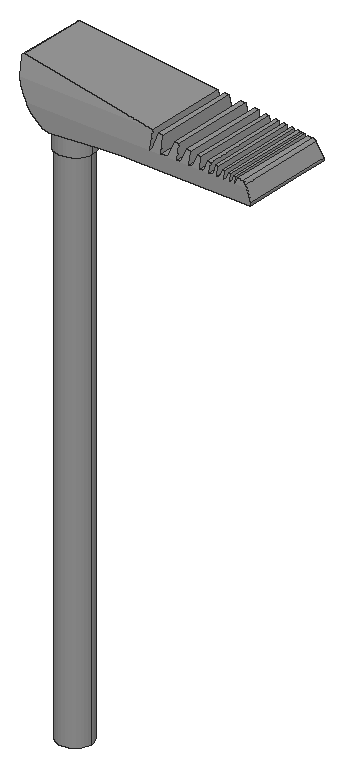
Revit family "63_UN_Road_LumaMiniGen2 _Signify", category Lighting Fixtures, Revit 2019
Family settings
  Round Connector Dimension = Use Diameter
  Part Type = Normal
  OmniClass Number = 23.80.70.14.21
  OmniClass Title = Street and Roadway Lighting
  Work Plane-Based = No
  Always vertical = Yes
  Cut with Voids When Loaded = Yes
  Light Source = Yes
  Shared = No
  Room Calculation Point = Yes
Parameters (values of type "OFMT1_BGP7011xLED40-4S740DM10")
  Wattage Comments = "25W"
  Wattage = 26.9284 W
  built-in parameter 1150110 = 1 (stored number, unit not read)
  Voltage = 230 V
  URL = "https://www.signify.com/"
  Type Comments = "Gen 2"
  built-in parameter 1114217 = 1 (stored number, unit not read)
  Tilt Angle = 90.00°
  built-in parameter 1150109 = 1 (stored number, unit not read)
  built-in parameter 1150134 = 3
  Symbol_ToScale [instance] = not(Symbol_RealSize)  # no
  Symbol_RealSize [instance] = yes
  Switch Code [instance] = ""
  built-in parameter 1150113 = 1 (stored number, unit not read)
  Pole_Visibility [instance] = yes
  Pole_Height [instance] = 1500 mm
  Photometric Web File = "OFMT1_BGP7011xLED40-4S740DM10.IES"
  Model = "Luma Mini"
  Manufacturer = "Signify"
  built-in parameter 1150105 = 3720.8 (stored number, unit not read)
  Luminous Flux (lm) = 4000 lm
  Lumens = 4000 lm
  built-in parameter 1150115 = 1 (stored number, unit not read)
  Luminaire Code [instance] = ""
  built-in parameter 1150137 = (empty or 0)
  built-in parameter 1150139 = (empty or 0)
  built-in parameter 1150112 = 1 (stored number, unit not read)
  built-in parameter 1150114 = 1 (stored number, unit not read)
  Lamp = "LED"
  built-in parameter 1150132 = 2
  built-in parameter 1150102 = (empty or 0)
  built-in parameter 1150107 = 3200 (stored number, unit not read)
  built-in parameter 1150138 = (empty or 0)
  built-in parameter 1150106 = 37.208 (stored number, unit not read)
  IfcExportType = "USERDEFINED"
  IfcExportAs = "IfcLightFixtureType"
  IK Value = "IK09"
  Housing_Material = Aluminum
  Emit from Rectangle Width = 220 mm
  Emit from Rectangle Length = 313 mm
  Emit Shape Visible in Rendering = no
  built-in parameter 1150104 = 13.8 (stored number, unit not read)
  Dimming Lamp Color Temperature Shift = <None>
  Description = "IP66"
  Content Creator® = "www.ivlibrary.com"
  Color Filter = 16777215
  built-in parameter 1114218 = 1 (stored number, unit not read)
  built-in parameter 1150133 = 10 (stored number, unit not read)
  Assembly Code = "63.0"
  Apparent Load = 25 VA
Types (6, lengths in mm): name | Wattage Comments | Wattage | Photometric Web File | built-in parameter 1150105 | Luminous Flux (lm) | Lumens | built-in parameter 1150106 | Apparent Load
  (no name) | "25W" | 26.9284 W | "OFMT1_BGP7011xLED40-4S740DM10.IES" | 3720.8 (stored number, unit not read) | 4000 lm | 4000 lm | 37.208 (stored number, unit not read) | 25 VA
  OFMT1_BGP713T251xLED30-4S740DM11 | "19W" | 20.1963 W | "OFMT1_BGP713T251xLED30-4S740DM11.IES" | 1722 (stored number, unit not read) | 3000 lm | 3000 lm | 17.22 (stored number, unit not read) | 19 VA
  OFMT1_BGP713T251xLED100-4S830DW50 | "18.8W" | 67.321 W | "OFMT1_BGP713T251xLED100-4S830DW50.IES" | 6206.3 (stored number, unit not read) | 10000 lm | 10000 lm | 62.063 (stored number, unit not read) | 18.8 VA
  OFMT1_BGP713T251xLED120-4S740DM50 | "73W" | 80.7853 W | "OFMT1_BGP713T251xLED120-4S740DM50.IES" | 6888 (stored number, unit not read) | 12000 lm | 12000 lm | 68.88 (stored number, unit not read) | 73 VA
  OFMT1_BGP7011xLED40-4S740DM10 | "25W" | 26.9284 W | "OFMT1_BGP7011xLED40-4S740DM10.IES" | 3720.8 (stored number, unit not read) | 4000 lm | 4000 lm | 37.208 (stored number, unit not read) | 25 VA
  OFMT1_BGP7051xLED300-4S740DM11 | "174W" | 202.03 W | "OFMT1_BGP713T251xLED30-4S740DM11.IES" | 16052.3 (stored number, unit not read) | 30010 lm | 30010 lm | 160.52 (stored number, unit not read) | 174 VA
Reference planes
  plane 1 "Center (Front/Back)": y = 0
  plane 2: z = 0
  plane 3 "Center (Left/Right)": x = 0
  plane 4: z = 1500
Forms (mm)
  Extrusion 1, solid, material "Aluminum" <- "Housing_Material", visible <- "Pole_Visibility"
    sketch origin (0, 0, 0) x (1, 0, 0) y (0, 1, 0)
      loop
        circle (0.013, 0) r 42.994
    from 0 to 1500
Lines and regions (mm)
  symbolic lines
    curve 1: line (-26.692, 118.75, 0) -> (558.308, 118.75, 0)
    curve 2: line (558.308, 118.75, 0) -> (558.308, -118.75, 0)
    curve 3: line (558.308, -118.75, 0) -> (-26.692, -118.75, 0)
    curve 4: line (-65.51, -92.687, 0) -> (-65.51, 92.684, 0)
    curve 5: arc (-65.51, 92.684, 0) -> (-50.071, 111.629, 0) -> (-26.692, 118.75, 0) r 41.937
    curve 6: arc (-26.692, -118.75, 0) -> (-50.07, -111.63, 0) -> (-65.51, -92.687, 0) r 41.939
    curve 7: line (477.058, 0, 0) -> (272.058, 0, 0)
    curve 8: line (477.058, 0, 0) -> (420.49, 56.569, 0)
    curve 9: line (477.058, 0, 0) -> (420.49, -56.569, 0)
Dimensions and locks
  "Pole_Height": plane 4 to plane 2
  aligned and locked: level to plane 2
  aligned and locked: plane 4 to nested 1
  aligned and locked: Extrusion 1 to plane 4
  aligned and locked: Extrusion 1 to plane 2
  aligned and locked: imposter light to plane 4
Automatic sketch dimensions
  plane 1 "Center (Front/Back)" to Extrusion 1 sketch curve = 0 mm
  plane 3 "Center (Left/Right)" to Extrusion 1 sketch curve = 0.013 mm
  plane 1 "Center (Front/Back)" to curve 7 = 0 mm
  curve 4 to plane 3 "Center (Left/Right)" = 65.51 mm
  curve 3 to plane 3 "Center (Left/Right)" = 26.692 mm
  curve 5 to plane 3 "Center (Left/Right)" = 26.692 mm
  plane 3 "Center (Left/Right)" to curve 7 = 477.058 mm
  curve 7 to curve 2 = 81.25 mm
  plane 1 "Center (Front/Back)" to curve 6 = 76.811 mm
  curve 4 to curve 6 = 15.876 mm
  curve 5 to plane 1 "Center (Front/Back)" = 76.813 mm
  curve 5 to curve 4 = 15.871 mm
  curve 7 to curve 7 = 205 mm
  curve 8 to plane 1 "Center (Front/Back)" = 56.569 mm
  curve 8 to curve 7 = 56.569 mm
  plane 1 "Center (Front/Back)" to curve 9 = 56.569 mm
  radius of Extrusion 1 sketch curve = 42.994 mm
Nested families
  nested 1: "LumaMiniGen2 Geometry" at (0, 0, 1503.079) x (0, -1, 0) z (0, 0, 1), type "Geometry"
    with Symbol_ToScale no, Symbol_RealSize yes, Switch Code "", Luminaire Code "", Lightsource_tilt 0.00°
  nested 2: "Road en Streey Symbol" at (0, 0, 0), type "Road en Streey Symbol"
Connectors
  electrical at (0, 0, 0), driven by "Voltage", driven by "Apparent Load"
    settings: index 1, voltage 230 V, apparent load 0 VA, apparent load phase1 25 VA, apparent load phase2 0 VA, apparent load phase3 0 VA, power factor 1, load classification "Lighting", number of poles 1, system type 31, power factor state 1, is connector primary yes, connector utility no, sub classification motor no, connector description ""
Definition of nested family "LumaMiniGen2 Geometry"
  Parameters (values of type "Type Catalog")
    Width = 295 mm
    Wattage Comments = "19W"
    Voltage = 230 V
    Visibility 2D symbol = yes
    Visibility 2D outline = no
    URL = "https://www.signify.com/"
    Type Comments = "TYPENAME"
    Symbol_ToScale [instance] = not(Symbol_RealSize)  # no
    Symbol_RealSize [instance] = yes
    Switch Code [instance] = ""
    Model = "FAMILYNAME"
    Manufacturer = "Signify"
    Luminous Flux (lm) = 500 lm
    Luminaire Code [instance] = ""
    Lightsource_tilt [instance] = 0.00°
    Length = 657 mm
    Lamp = "LED"
    IfcExportType = "USERDEFINED"
    IfcExportAs = "IfcLightFixtureType"
    Housing_Material = none
    Description = "IP VALUE"
    Content Creator® = "www.ivlibrary.com"
    Assembly Code = "63.0"
    Apparent Load = 19 VA
  Reference planes
    plane 1 "Center (Front/Back)": y = 0
    plane 2: z = 0
    plane 3 "Center (Left/Right)": x = 0
  Forms (mm)
    Extrusion 1, solid, material <- "Housing_Material"
      sketch origin (0, -2.917, -3.079) x (0, 1, 0) y (0, 0, 1)
        loop
          line (281.421, 0) -> (556.073, 0)
          arc (556.073, 0) -> (560.29, 2.314) -> (560.604, 7.113) r 5
          line (560.604, 7.113) -> (543.498, 43.797)
          arc (543.498, 43.797) -> (540.353, 47.631) -> (535.753, 49.483) r 10
          line (535.753, 49.483) -> (-56.98, 128.3)
          arc (-56.98, 128.3) -> (-61.043, 127.006) -> (-62.63, 123.048) r 5
          arc (-62.63, 123.048) -> (-40.228, 48.096) -> (13.275, -8.975) r 170.578
          arc (13.275, -8.975) -> (24.117, -13.693) -> (35.921, -14.387) r 33.795
          arc (35.921, -14.387) -> (158.46, -3.6) -> (281.421, 0) r 2101.805
      from -119 to 119
    Extrusion 2, void
      sketch origin (0, -2.917, -3.079) x (-1, 0, 0) y (0, 0, 1)
        loop
          line (0, -14.74) -> (50, -14.74) -> (50, 0) -> (-50, 0) -> (-50, -14.74) -> (0, -14.74)
      from 0 to 95.059
    Extrusion 3, void
      sketch origin (-3.498, -2.917, -3.079) x (0, 1, 0) y (-1, 0, 0)
        loop
          line (238.703, 106.502) -> (238.703, -113.226) -> (551.568, -113.226) -> (551.568, 106.502) -> (238.703, 106.502)
      from -40.085 to 2
    Extrusion 4, void
      sketch origin (0, -2.917, -3.079) x (0, 1, 0) y (0, 0, 1)
        loop
          line (523.303, 51.139) -> (516.568, 52.035) -> (516.568, 38.701) -> (518.776, 38.701) -> (523.303, 51.139)
        loop
          line (511.1, 52.762) -> (503.997, 53.706) -> (503.997, 38.701) -> (507.333, 38.701) -> (511.1, 52.762)
        loop
          line (497.264, 54.601) -> (488.003, 55.833) -> (488.003, 38.701) -> (493.003, 38.701) -> (497.264, 54.601)
        loop
          line (481.839, 56.653) -> (469.549, 58.287) -> (469.549, 38.701) -> (477.028, 38.701) -> (481.839, 56.653)
        loop
          line (462.314, 59.249) -> (448.622, 61.069) -> (448.622, 38.701) -> (459.581, 38.701) -> (462.314, 59.249)
        loop
          line (440.978, 62.086) -> (423.706, 64.383) -> (423.706, 38.701) -> (434.712, 38.701) -> (440.978, 62.086)
        loop
          line (414.719, 65.577) -> (396.051, 68.06) -> (396.051, 38.701) -> (404.937, 38.701) -> (414.719, 65.577)
        loop
          line (385.642, 69.444) -> (362.778, 72.484) -> (362.778, 38.701) -> (374.452, 38.701) -> (385.642, 69.444)
        loop
          line (351.677, 73.96) -> (321.14, 78.021) -> (321.14, 38.701) -> (338.844, 38.701) -> (351.677, 73.96)
        loop
          line (309.034, 79.631) -> (293.067, 81.754) -> (293.067, 38.701) -> (298.067, 38.701) -> (309.034, 79.631)
      from -119 to 119
    Extrusion 5, void
      sketch origin (-1.25, -2.917, -3.079) x (-1, 0, 0) y (0, 0, 1)
        loop
          line (135.364, -18.774) -> (135.364, 133.701) -> (86.465, 133.701)
          arc (86.465, 133.701) -> (111.621, 59.447) -> (116.919, -18.774) r 303.514
          line (116.919, -18.774) -> (135.364, -18.774)
        loop
          line (-137.864, -18.774) -> (-119.419, -18.774)
          arc (-119.419, -18.774) -> (-114.121, 59.447) -> (-88.965, 133.701) r 303.514
          line (-88.965, 133.701) -> (-137.864, 133.701) -> (-137.864, -18.774)
      from -64.941 to 592.059
    Revolve 6, solid, material <- "Housing_Material"
      sketch origin (0, 0, 0) x (0, -1, 0) y (0, 0, 1)
        loop
          line (47.981, -110.68) -> (47.981, 64.32) -> (42.981, 64.32) -> (42.981, -110.68) -> (47.981, -110.68)
        axis (0, 64.32) -> (0, -110.68)
      angle from 0 to 360
    Extrusion 7, solid
      sketch origin (0, 0, 0) x (0, -1, 0) y (1, 0, 0)
        loop
          line (-235.786, 109.728) -> (-548.652, 109.728) -> (-548.652, -110) -> (-235.786, -110) -> (-235.786, 109.728)
      from 0 to -3.079
  Cuts and joins
    Extrusion 2, Extrusion 3, Extrusion 4, Extrusion 5 cuts Extrusion 1
    Extrusion 3 cuts Revolve 6
    joined: Extrusion 1, Revolve 6
  Dimensions and locks
    aligned and locked: level to plane 2
  Connectors
    electrical at (0, 0, 0), driven by "Voltage", driven by "Apparent Load"
      settings: index 1, voltage 230 V, apparent load 0 VA, apparent load phase1 19 VA, apparent load phase2 0 VA, apparent load phase3 0 VA, power factor 1, load classification none, number of poles 1, system type 31, power factor state 1, is connector primary yes, connector utility no, sub classification motor no, connector description ""
Definition of nested family "Road en Streey Symbol"
  Reference planes
    plane 1: y = 0
    plane 2: x = 0
  Lines and regions (mm)
    detail lines
      curve 1: line (-0.309, 1.19, 0) -> (5.58, 1.19, 0)
      curve 2: line (5.58, -1.19, 0) -> (5.58, 1.19, 0)
      curve 3: line (-0.66, 0.839, 0) -> (-0.66, -0.839, 0)
      curve 4: line (-0.309, -1.19, 0) -> (5.58, -1.19, 0)
      curve 5: arc (-0.66, -0.839, 0) -> (-0.557, -1.087, 0) -> (-0.309, -1.19, 0) r 0.351
      curve 6: arc (-0.66, 0.839, 0) -> (-0.557, 1.087, 0) -> (-0.309, 1.19, 0) r 0.351
      curve 7: line (4.771, 0, 0) -> (3.108, 0, 0)
      curve 8: line (4.771, 0, 0) -> (4.204, 0.567, 0)
      curve 9: line (4.771, 0, 0) -> (4.204, -0.567, 0)
